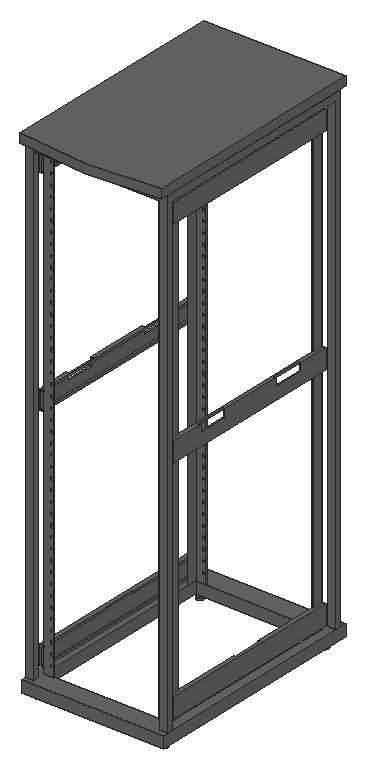
Revit family "V61A-45U-600x1000mm-26.03.14", category Electrical Equipment, Revit 2013
Parameters (values of type "Server_Rack-Siemon-600mm")
  Weight = 0.00 lbf
  Visibility Door Right [instance] = and(Side Panel Right, not(Hide Doors))  # no
  Visibility Door Left [instance] = and(Side Panel Left, not(Hide Doors))  # no
  Visibility Door Front [instance] = and(Door Front, not(Hide Doors))  # no
  Visibility Door Back [instance] = and(Door Back, not(Hide Doors))  # no
  Version = ""
  Usable Depth = 806.00 mm
  U/M = "EA"
  U Space = "45"
  System = "VPOD"
  Side Panel Right = no
  Side Panel Left = no
  Serial Number = ""
  Segment = "CSS"
  Ports = 0
  Mounting rail 45 U = SIEMON STEEL
  Mounting Rail Material = SIEMON STEEL
  Model = "V61A"
  Metal = SIEMON STEEL
  Manufacturer = "SIEMON"
  Lock = ""
  Loaded/Empty = "N/A"
  Item Group = "RACKS"
  Item Class = "1F"
  Hide Doors [instance] = no
  Door Front = no
  Door Construction Side = if(and(Side Panel Right, Side Panel Left), 2, if(and(not(Side Panel Right), not(Side Panel Left)), 0, 1))  # 0
  Door Construction Front = ""
  Door Construction Back = ""
  Door Back = no
  Description = "WARNING: PLEASE RELOAD FAMILY USING THE TYPE CATALOG"
  Color = "BLACK"
  Cabinet Width Overall = 600.00 mm
  Cabinet Height = 2150.00 mm
  Cabinet Depth = 1000.00 mm
Types (2, lengths in mm): name | Visibility Door Right | Visibility Door Left | Visibility Door Front | Visibility Door Back | Usable Depth | Side Panel Right | Side Panel Left | Serial Number | Mounting rail 45 U | Mounting Rail Material | Model | Metal | Lock | Door Front | Door Construction Side | Door Construction Front | Door Construction Back | Door Back | Description | Cabinet Width Overall | Cabinet Height | Cabinet Depth
  Server_Rack-Siemon-600mm | no | no | no | no | 806.00 | no | no | "" | SIEMON STEEL | SIEMON STEEL | "V61A" | SIEMON STEEL | "" | no | 0 | "" | "" | no | "WARNING: PLEASE RELOAD FAMILY USING THE TYPE CATALOG" | 600.00 | 2150.00 | 1000.00
  V1-2AB211 | yes | yes | yes | yes | 0.00 | yes | yes | "V1-2AB211" | Metal-Siemon-Annodized-Aluminum | Metal-Siemon-Annodized-Aluminum | "VERSPOD" | Metal-Siemon-Frame_Metal | "COMBINATION" | yes | 2 | "FULL VENTED" | "SPLIT VENTED" | yes | "VPOD,600x1000,S-PNL(2),F-DR FL VNT,R-DR SP VNT,TUM,T-PNL BLANK,BLK" | 605.00 | 2140.00 | 1090.00
Reference planes
  plane 1 "Center (Front/Back)": y = 0
  plane 2: z = 0
  plane 3 "Center (Left/Right)": x = 0
  plane 4: z = 2011.4
  plane 5: z = 1966.95
  plane 6: z = 1922.5
  plane 7: z = 1878.05
  plane 8: z = 1833.6
  plane 9: z = 1789.15
  plane 10: z = 1744.7
  plane 11: z = 1700.25
  plane 12: z = 1655.8
  plane 13: z = 1611.35
  plane 14: z = 1566.9
  plane 15: z = 1522.45
  plane 16: z = 1478
  plane 17: z = 1433.55
  plane 18: z = 1389.1
  plane 19: z = 1344.65
  plane 20: z = 1300.2
  plane 21: z = 1255.75
  plane 22: z = 1211.3
  plane 23: z = 1166.85
  plane 24: z = 1122.4
  plane 25: z = 1077.95
  plane 26: z = 1033.5
  plane 27: z = 989.05
  plane 28: z = 944.6
  plane 29: z = 900.15
  plane 30: z = 855.7
  plane 31: z = 811.25
  plane 32: z = 766.8
  plane 33: z = 722.35
  plane 34: z = 677.9
  plane 35: z = 633.45
  plane 36: z = 589
  plane 37: z = 544.55
  plane 38: z = 500.1
  plane 39: z = 455.65
  plane 40: z = 411.2
  plane 41: z = 366.75
  plane 42: z = 322.3
  plane 43: z = 277.85
  plane 44: z = 233.4
  plane 45: z = 188.95
  plane 46: z = 144.5
  plane 47: z = 100.05
  plane 48: z = 2055.85
Forms (mm)
  Extrusion 1, solid, material "SIEMON STEEL"
    sketch origin (0, -0.108, 0) x (1, 0, 0) y (0, 1, 0)
      loop
        arc (-298.7, 28.389) -> (1.286, 0.16) -> (301.386, 27.143) r 1644.314
        line (301.386, 27.143) -> (301.386, 1000.156) -> (-298.7, 1000.156) -> (-298.7, 28.389)
    from 2102.5 to 2140
  Extrusion 2, solid, material "SIEMON STEEL" <- "Mounting rail 45 U"
    sketch origin (0, -15, 0) x (1, 0, 0) y (0, 1, 0)
      loop
        line (301.386, 985.014) -> (-298.7, 985.014) -> (-298.7, 75) -> (301.386, 75) -> (301.386, 985.014)
    from 2067.5 to 2098.45
  Extrusion 3, solid, material "SIEMON STEEL" <- "Mounting rail 45 U"
    sketch origin (0.137, -90, 0) x (1, 0, 0) y (0, 1, 0)
      loop
        line (266.25, 170.06) -> (266.25, 150) -> (301.25, 150) -> (301.25, 170.06) -> (266.25, 170.06)
      loop
        line (-298.75, 170.06) -> (-298.75, 150) -> (-263.75, 150) -> (-263.75, 170.06) -> (-298.75, 170.06)
      loop
        line (301.25, 1039.94) -> (301.25, 1060) -> (266.25, 1060) -> (266.25, 1039.94) -> (301.25, 1039.94)
      loop
        line (-298.75, 1039.94) -> (-263.75, 1039.94) -> (-263.75, 1060) -> (-298.75, 1060) -> (-298.75, 1039.94)
    from 65.3 to 2067.5
  Extrusion 4, solid, material "SIEMON STEEL" <- "Mounting Rail Material"
    sketch origin (0.02, 0, 0) x (1, 0, 0) y (0, 1, 0)
      loop
        line (-298.72, 1000.014) -> (-298.72, 37.5) -> (301.366, 37.5) -> (301.366, 1000.014) -> (-298.72, 1000.014)
      loop
        line (-265, 913.302) -> (-265, 116.7) -> (265, 116.7) -> (265, 913.302) -> (-265, 913.302)
    from 16.098 to 65.3
  Extrusion 5, solid, material "Cold rolled steel (CRS)", detail levels medium+fine
    sketch origin (-25.335, 547.951, -10) x (1, 0, 0) y (0, 1, 0)
      loop
        circle (289.695, 392.503) r 15
    from 0 to 5.027
  Extrusion 6, solid
    sketch origin (114.531, 0, -10) x (1, 0, 0) y (0, 1, 0)
      loop
        circle (149.594, 940.281) r 6
    from 0 to 36.491
  Extrusion 7, solid, material "Cold rolled steel (CRS)", detail levels medium+fine
    sketch origin (25.296, 547.951, -10) x (-1, 0, 0) y (0, -1, 0)
      loop
        circle (289.695, -392.503) r 15
    from 0 to 5.027
  Extrusion 8, solid
    sketch origin (-115, 0, -10) x (-1, 0, 0) y (0, -1, 0)
      loop
        circle (149.594, -940.281) r 6
    from 0 to 36.491
  Extrusion 9, solid, material "Cold rolled steel (CRS)", detail levels medium+fine
    sketch origin (25.296, 480.196, -10) x (-1, 0, 0) y (0, -1, 0)
      loop
        circle (289.695, 392.503) r 15
    from 0 to 5.027
  Extrusion 10, solid
    sketch origin (-115, 1028.147, -10) x (-1, 0, 0) y (0, -1, 0)
      loop
        circle (149.594, 940.281) r 6
    from 0 to 36.491
  Extrusion 11, solid, material "Cold rolled steel (CRS)", detail levels medium+fine
    sketch origin (554.046, 480.196, -10) x (-1, 0, 0) y (0, -1, 0)
      loop
        circle (289.695, 392.503) r 15
    from 0 to 5.027
  Extrusion 12, solid
    sketch origin (413.75, 1028.147, -10) x (-1, 0, 0) y (0, -1, 0)
      loop
        circle (149.594, 940.281) r 6
    from 0 to 36.491
Cuts and joins
  joined: Extrusion 2, Extrusion 3
Lines and regions (mm)
  Masking region 1, detail levels medium+fine
    outline origin (0, 0, 0) x (1, 0, 0) y (0, 1, 0)
      loop
        line (300, 1000.156) -> (-300, 1000.156) -> (-300, 27.5) -> (-297.984, 27.5)
        arc (-297.984, 27.5) -> (0, 0.5) -> (297.984, 27.5) r 1657.82
        line (297.984, 27.5) -> (300, 27.5) -> (300, 1000.156)
  symbolic lines, detail levels fine
    curve 1: line (-256.65, 1060, 65.3) -> (-256.65, 1060, 61.35)
    curve 2: line (256.65, 1060, 61.35) -> (256.65, 1060, 65.3)
  model lines, detail levels coarse+fine
    curve 3: line (154.83, 904.97, 2141.25) -> (-156.781, 904.97, 2141.25)
    curve 4: line (-161.781, 899.97, 2141.25) -> (-161.781, 861.539, 2141.25)
    curve 5: line (-156.781, 856.539, 2141.25) -> (154.83, 856.539, 2141.25)
    curve 6: arc (-156.781, 904.97, 2141.25) -> (-160.317, 903.506, 2141.25) -> (-161.781, 899.97, 2141.25) r 5
    curve 7: arc (-161.781, 861.539, 2141.25) -> (-160.317, 858.003, 2141.25) -> (-156.781, 856.539, 2141.25) r 5
    curve 8: line (-158.781, 899.97, 2141.25) -> (-158.781, 877.002, 2141.25)
    curve 9: arc (-158.781, 861.539, 2141.25) -> (-158.196, 860.124, 2141.25) -> (-156.781, 859.539, 2141.25) r 2
    curve 10: line (-156.781, 859.539, 2141.25) -> (154.83, 859.539, 2141.25)
    curve 11: line (154.83, 901.97, 2141.25) -> (-156.781, 901.97, 2141.25)
    curve 12: arc (-156.781, 901.97, 2141.25) -> (-158.196, 901.385, 2141.25) -> (-158.781, 899.97, 2141.25) r 2
    curve 13: line (-158.781, 877.002, 2141.25) -> (-158.781, 861.539, 2141.25)
    curve 14: line (159.83, 899.97, 2141.25) -> (159.83, 861.539, 2141.25)
    curve 15: arc (154.83, 904.97, 2141.25) -> (158.366, 903.506, 2141.25) -> (159.83, 899.97, 2141.25) r 5
    curve 16: arc (159.83, 861.539, 2141.25) -> (158.366, 858.003, 2141.25) -> (154.83, 856.539, 2141.25) r 5
    curve 17: line (156.83, 899.97, 2141.25) -> (156.83, 877.002, 2141.25)
    curve 18: arc (156.83, 861.539, 2141.25) -> (156.244, 860.124, 2141.25) -> (154.83, 859.539, 2141.25) r 2
    curve 19: arc (154.83, 901.97, 2141.25) -> (156.244, 901.385, 2141.25) -> (156.83, 899.97, 2141.25) r 2
    curve 20: line (156.83, 877.002, 2141.25) -> (156.83, 861.539, 2141.25)
    curve 21: circle (228.086, 958.058, 2141.25) r 3.361 normal (0, 0, 1)
    curve 22: circle (-239.74, 958.058, 2141.25) r 3.361 normal (0, 0, -1)
    curve 23: circle (-259.391, 929.515, 2141.25) r 6.221 normal (0, 0, 1)
    curve 24: circle (257.661, 929.515, 2141.25) r 6.221 normal (0, 0, -1)
    curve 25: line (236.892, 762.002, 2141.25) -> (-238.02, 762.002, 2141.25)
    curve 26: line (240.895, 757.999, 2141.25) -> (236.892, 762.002, 2141.25)
    curve 27: circle (-162.497, 748.584, 2141.25) r 6.221 normal (0, 0, 1)
    curve 28: circle (163.18, 748.584, 2141.25) r 6.221 normal (0, 0, 1)
    curve 29: line (236.892, 589.225, 2141.25) -> (-238.02, 589.225, 2141.25)
    curve 30: line (-238.02, 589.225, 2141.25) -> (-242.023, 593.227, 2141.25)
    curve 31: line (-242.023, 593.227, 2141.25) -> (-242.023, 757.999, 2141.25)
    curve 32: line (240.895, 757.999, 2141.25) -> (240.895, 593.227, 2141.25)
    curve 33: line (240.895, 593.227, 2141.25) -> (236.892, 589.225, 2141.25)
    curve 34: circle (-162.497, 602.642, 2141.25) r 6.221 normal (0, 0, -1)
    curve 35: circle (163.18, 602.642, 2141.25) r 6.221 normal (0, 0, -1)
    curve 36: line (-242.023, 757.999, 2141.25) -> (-238.02, 762.002, 2141.25)
    curve 37: line (178.58, 213.08, 2141.25) -> (178.58, 524.692, 2141.25)
    curve 38: line (183.58, 529.692, 2141.25) -> (219.512, 529.692, 2141.25)
    curve 39: line (224.512, 524.692, 2141.25) -> (224.512, 213.08, 2141.25)
    curve 40: arc (178.58, 524.692, 2141.25) -> (180.045, 528.227, 2141.25) -> (183.58, 529.692, 2141.25) r 5
    curve 41: arc (219.512, 529.692, 2141.25) -> (223.048, 528.227, 2141.25) -> (224.512, 524.692, 2141.25) r 5
    curve 42: line (183.58, 526.692, 2141.25) -> (199.044, 526.692, 2141.25)
    curve 43: arc (219.512, 526.692, 2141.25) -> (220.926, 526.106, 2141.25) -> (221.512, 524.692, 2141.25) r 2
    curve 44: line (221.512, 524.692, 2141.25) -> (221.512, 213.08, 2141.25)
    curve 45: line (181.58, 213.08, 2141.25) -> (181.58, 524.692, 2141.25)
    curve 46: arc (181.58, 524.692, 2141.25) -> (182.166, 526.106, 2141.25) -> (183.58, 526.692, 2141.25) r 2
    curve 47: line (199.044, 526.692, 2141.25) -> (219.512, 526.692, 2141.25)
    curve 48: line (183.58, 208.08, 2141.25) -> (219.512, 208.08, 2141.25)
    curve 49: arc (178.58, 213.08, 2141.25) -> (180.045, 209.545, 2141.25) -> (183.58, 208.08, 2141.25) r 5
    curve 50: arc (219.512, 208.08, 2141.25) -> (223.048, 209.545, 2141.25) -> (224.512, 213.08, 2141.25) r 5
    curve 51: line (183.58, 211.08, 2141.25) -> (199.044, 211.08, 2141.25)
    curve 52: arc (219.512, 211.08, 2141.25) -> (220.926, 211.666, 2141.25) -> (221.512, 213.08, 2141.25) r 2
    curve 53: arc (181.58, 213.08, 2141.25) -> (182.166, 211.666, 2141.25) -> (183.58, 211.08, 2141.25) r 2
    curve 54: line (199.044, 211.08, 2141.25) -> (219.512, 211.08, 2141.25)
    curve 55: line (-179.708, 213.08, 2141.25) -> (-179.708, 524.692, 2141.25)
    curve 56: line (-184.708, 529.692, 2141.25) -> (-220.64, 529.692, 2141.25)
    curve 57: line (-225.64, 524.692, 2141.25) -> (-225.64, 213.08, 2141.25)
    curve 58: arc (-179.708, 524.692, 2141.25) -> (-181.172, 528.227, 2141.25) -> (-184.708, 529.692, 2141.25) r 5
    curve 59: arc (-220.64, 529.692, 2141.25) -> (-224.175, 528.227, 2141.25) -> (-225.64, 524.692, 2141.25) r 5
    curve 60: line (-184.708, 526.692, 2141.25) -> (-205.176, 526.692, 2141.25)
    curve 61: arc (-220.64, 526.692, 2141.25) -> (-222.054, 526.106, 2141.25) -> (-222.64, 524.692, 2141.25) r 2
    curve 62: line (-222.64, 524.692, 2141.25) -> (-222.64, 213.08, 2141.25)
    curve 63: line (-182.708, 213.08, 2141.25) -> (-182.708, 524.692, 2141.25)
    curve 64: arc (-182.708, 524.692, 2141.25) -> (-183.293, 526.106, 2141.25) -> (-184.708, 526.692, 2141.25) r 2
    curve 65: line (-205.176, 526.692, 2141.25) -> (-220.64, 526.692, 2141.25)
    curve 66: line (-184.708, 208.08, 2141.25) -> (-220.64, 208.08, 2141.25)
    curve 67: arc (-179.708, 213.08, 2141.25) -> (-181.172, 209.545, 2141.25) -> (-184.708, 208.08, 2141.25) r 5
    curve 68: arc (-220.64, 208.08, 2141.25) -> (-224.175, 209.545, 2141.25) -> (-225.64, 213.08, 2141.25) r 5
    curve 69: line (-184.708, 211.08, 2141.25) -> (-205.176, 211.08, 2141.25)
    curve 70: arc (-220.64, 211.08, 2141.25) -> (-222.054, 211.666, 2141.25) -> (-222.64, 213.08, 2141.25) r 2
    curve 71: arc (-182.708, 213.08, 2141.25) -> (-183.293, 211.666, 2141.25) -> (-184.708, 211.08, 2141.25) r 2
    curve 72: line (-205.176, 211.08, 2141.25) -> (-220.64, 211.08, 2141.25)
    curve 73: circle (228.086, 72.089, 2141.25) r 3.361 normal (0, 0, -1)
    curve 74: circle (-239.74, 72.089, 2141.25) r 3.361 normal (0, 0, 1)
    curve 75: circle (-259.391, 93.132, 2141.25) r 6.221 normal (0, 0, -1)
    curve 76: circle (257.661, 93.132, 2141.25) r 6.221 normal (0, 0, 1)
    curve 77: line (158.357, 166.045, 2141.25) -> (-153.254, 166.045, 2141.25)
    curve 78: line (-158.254, 161.045, 2141.25) -> (-158.254, 122.613, 2141.25)
    curve 79: line (-153.254, 117.613, 2141.25) -> (158.357, 117.613, 2141.25)
    curve 80: arc (-153.254, 166.045, 2141.25) -> (-156.79, 164.581, 2141.25) -> (-158.254, 161.045, 2141.25) r 5
    curve 81: arc (-158.254, 122.613, 2141.25) -> (-156.79, 119.078, 2141.25) -> (-153.254, 117.613, 2141.25) r 5
    curve 82: line (-155.254, 161.045, 2141.25) -> (-155.254, 138.077, 2141.25)
    curve 83: arc (-155.254, 122.613, 2141.25) -> (-154.668, 121.199, 2141.25) -> (-153.254, 120.613, 2141.25) r 2
    curve 84: line (-153.254, 120.613, 2141.25) -> (158.357, 120.613, 2141.25)
    curve 85: line (158.357, 163.045, 2141.25) -> (-153.254, 163.045, 2141.25)
    curve 86: arc (-153.254, 163.045, 2141.25) -> (-154.668, 162.459, 2141.25) -> (-155.254, 161.045, 2141.25) r 2
    curve 87: line (-155.254, 138.077, 2141.25) -> (-155.254, 122.613, 2141.25)
    curve 88: line (163.357, 161.045, 2141.25) -> (163.357, 122.613, 2141.25)
    curve 89: arc (158.357, 166.045, 2141.25) -> (161.893, 164.581, 2141.25) -> (163.357, 161.045, 2141.25) r 5
    curve 90: arc (163.357, 122.613, 2141.25) -> (161.893, 119.078, 2141.25) -> (158.357, 117.613, 2141.25) r 5
    curve 91: line (160.357, 161.045, 2141.25) -> (160.357, 145.582, 2141.25)
    curve 92: arc (160.357, 122.613, 2141.25) -> (159.772, 121.199, 2141.25) -> (158.357, 120.613, 2141.25) r 2
    curve 93: arc (158.357, 163.045, 2141.25) -> (159.772, 162.459, 2141.25) -> (160.357, 161.045, 2141.25) r 2
    curve 94: line (160.357, 145.582, 2141.25) -> (160.357, 122.613, 2141.25)
Dimensions and locks
  Extrusion 1 to Extrusion 1 = 1000.00 mm
  Extrusion 4 to Extrusion 1 sketch curve = 999.965 mm
  Extrusion 1 to Extrusion 11 = 2150.00 mm
  Extrusion 7 to Extrusion 1 = 2150.00 mm
  aligned: Extrusion 2 to Extrusion 1
Nested families
  nested 1: "VersaPOD-Frame" at (0.084, 486.862, -17.333), type "VersaPOD-Frame"
  nested 2: "VersaPOD-Frame" at (0.853, 486.862, -17.333) x (-1, 0, 0) z (0, 0, 1), type "VersaPOD-Frame"
  nested 3: "VersaPOD-Frame" at (0.853, 543.86, -17.333) x (-1, 0, 0) z (0, 0, 1), type "VersaPOD-Frame"
  nested 4: "VersaPOD-Frame" at (0.084, 543.841, -17.333), type "VersaPOD-Frame"
  nested 5: "CC" at (177.79, 77.47, 1060.285) x (0, -1, 0) z (1, 0, 0), type "CC"
  nested 6: "CC" at (-177.79, 76.22, 1060.285) x (0, -1, 0) z (-1, 0, 0), type "CC"
  nested 7: "CC-new" at (177.813, 954.94, 90.3) x (0, 1, 0) z (1, 0, 0), type "CC-new"
  nested 8: "CC-new" at (-177.813, 954.94, 90.3) x (0, 1, 0) z (-1, 0, 0), type "CC-new"
  nested 9: "CC-new" at (177.813, 954.94, 1962.8) x (0, 1, 0) z (1, 0, 0), type "CC-new"
  nested 10: "CC-new" at (-177.812, 954.94, 1962.8) x (0, 1, 0) z (-1, 0, 0), type "CC-new"
Definition of nested family "VersaPOD-Frame"
  Parameters (values of type "VersaPOD-Frame")
    Material = none
    Assembly Code = ""
  Reference planes
    plane 1 "Center (Front/Back)": y = 0
    plane 2: z = 0
    plane 3 "Center (Left/Right)": x = 0
  Forms (mm)
    Extrusion 1, solid, material "SIEMON STEEL(1)"
      sketch origin (168.748, 374.529, 83.392) x (-1, 0, 0) y (0, 0, 1)
        loop
          line (-97.502, 2001.4) -> (-97.502, 0) -> (-54.5, 0) -> (-54.5, 2001.4) -> (-97.502, 2001.4)
        loop
          line (-66.648, 1999.2) -> (-66.648, 1989.7) -> (-57.148, 1989.7) -> (-57.148, 1999.2) -> (-66.648, 1999.2)
        loop
          line (-66.648, 1954.997) -> (-66.648, 1945.497) -> (-57.148, 1945.497) -> (-57.148, 1954.997) -> (-66.648, 1954.997)
        loop
          line (-66.648, 1901.097) -> (-57.148, 1901.097) -> (-57.148, 1910.597) -> (-66.648, 1910.597) -> (-66.648, 1901.097)
        loop
          line (-66.648, 1866.197) -> (-66.648, 1856.697) -> (-57.148, 1856.697) -> (-57.148, 1866.197) -> (-66.648, 1866.197)
        loop
          line (-66.648, 1777.397) -> (-66.648, 1767.897) -> (-57.148, 1767.897) -> (-57.148, 1777.397) -> (-66.648, 1777.397)
        loop
          line (-66.648, 1812.297) -> (-57.148, 1812.297) -> (-57.148, 1821.797) -> (-66.648, 1821.797) -> (-66.648, 1812.297)
        loop
          line (-66.648, 1599.797) -> (-66.648, 1590.297) -> (-57.148, 1590.297) -> (-57.148, 1599.797) -> (-66.648, 1599.797)
        loop
          line (-66.648, 1634.697) -> (-57.148, 1634.697) -> (-57.148, 1644.197) -> (-66.648, 1644.197) -> (-66.648, 1634.697)
        loop
          line (-66.648, 1723.497) -> (-57.148, 1723.497) -> (-57.148, 1732.997) -> (-66.648, 1732.997) -> (-66.648, 1723.497)
        loop
          line (-66.648, 1688.597) -> (-66.648, 1679.097) -> (-57.148, 1679.097) -> (-57.148, 1688.597) -> (-66.648, 1688.597)
        loop
          line (-66.648, 1244.597) -> (-66.648, 1235.097) -> (-57.148, 1235.097) -> (-57.148, 1244.597) -> (-66.648, 1244.597)
        loop
          line (-66.648, 1279.497) -> (-57.148, 1279.497) -> (-57.148, 1288.997) -> (-66.648, 1288.997) -> (-66.648, 1279.497)
        loop
          line (-66.648, 1368.297) -> (-57.148, 1368.297) -> (-57.148, 1377.797) -> (-66.648, 1377.797) -> (-66.648, 1368.297)
        loop
          line (-66.648, 1333.397) -> (-66.648, 1323.897) -> (-57.148, 1323.897) -> (-57.148, 1333.397) -> (-66.648, 1333.397)
        loop
          line (-66.648, 1545.897) -> (-57.148, 1545.897) -> (-57.148, 1555.397) -> (-66.648, 1555.397) -> (-66.648, 1545.897)
        loop
          line (-66.648, 1510.997) -> (-66.648, 1501.497) -> (-57.148, 1501.497) -> (-57.148, 1510.997) -> (-66.648, 1510.997)
        loop
          line (-66.648, 1422.197) -> (-66.648, 1412.697) -> (-57.148, 1412.697) -> (-57.148, 1422.197) -> (-66.648, 1422.197)
        loop
          line (-66.648, 1457.097) -> (-57.148, 1457.097) -> (-57.148, 1466.597) -> (-66.648, 1466.597) -> (-66.648, 1457.097)
        loop
          line (-66.648, 534.197) -> (-66.648, 524.697) -> (-57.148, 524.697) -> (-57.148, 534.197) -> (-66.648, 534.197)
        loop
          line (-66.648, 569.097) -> (-57.148, 569.097) -> (-57.148, 578.597) -> (-66.648, 578.597) -> (-66.648, 569.097)
        loop
          line (-66.648, 657.897) -> (-57.148, 657.897) -> (-57.148, 667.397) -> (-66.648, 667.397) -> (-66.648, 657.897)
        loop
          line (-66.648, 622.997) -> (-66.648, 613.497) -> (-57.148, 613.497) -> (-57.148, 622.997) -> (-66.648, 622.997)
        loop
          line (-66.648, 835.497) -> (-57.148, 835.497) -> (-57.148, 844.997) -> (-66.648, 844.997) -> (-66.648, 835.497)
        loop
          line (-66.648, 800.597) -> (-66.648, 791.097) -> (-57.148, 791.097) -> (-57.148, 800.597) -> (-66.648, 800.597)
        loop
          line (-66.648, 711.797) -> (-66.648, 702.297) -> (-57.148, 702.297) -> (-57.148, 711.797) -> (-66.648, 711.797)
        loop
          line (-66.648, 746.697) -> (-57.148, 746.697) -> (-57.148, 756.197) -> (-66.648, 756.197) -> (-66.648, 746.697)
        loop
          line (-66.648, 1190.697) -> (-57.148, 1190.697) -> (-57.148, 1200.197) -> (-66.648, 1200.197) -> (-66.648, 1190.697)
        loop
          line (-66.648, 1155.797) -> (-66.648, 1146.297) -> (-57.148, 1146.297) -> (-57.148, 1155.797) -> (-66.648, 1155.797)
        loop
          line (-66.648, 1066.997) -> (-66.648, 1057.497) -> (-57.148, 1057.497) -> (-57.148, 1066.997) -> (-66.648, 1066.997)
        loop
          line (-66.648, 1101.897) -> (-57.148, 1101.897) -> (-57.148, 1111.397) -> (-66.648, 1111.397) -> (-66.648, 1101.897)
        loop
          line (-66.648, 889.397) -> (-66.648, 879.897) -> (-57.148, 879.897) -> (-57.148, 889.397) -> (-66.648, 889.397)
        loop
          line (-66.648, 924.297) -> (-57.148, 924.297) -> (-57.148, 933.797) -> (-66.648, 933.797) -> (-66.648, 924.297)
        loop
          line (-66.648, 1013.097) -> (-57.148, 1013.097) -> (-57.148, 1022.597) -> (-66.648, 1022.597) -> (-66.648, 1013.097)
        loop
          line (-66.648, 978.197) -> (-66.648, 968.697) -> (-57.148, 968.697) -> (-57.148, 978.197) -> (-66.648, 978.197)
        loop
          line (-66.648, 480.297) -> (-57.148, 480.297) -> (-57.148, 489.797) -> (-66.648, 489.797) -> (-66.648, 480.297)
        loop
          line (-66.648, 445.397) -> (-66.648, 435.897) -> (-57.148, 435.897) -> (-57.148, 445.397) -> (-66.648, 445.397)
        loop
          line (-66.648, 356.597) -> (-66.648, 347.097) -> (-57.148, 347.097) -> (-57.148, 356.597) -> (-66.648, 356.597)
        loop
          line (-66.648, 391.497) -> (-57.148, 391.497) -> (-57.148, 400.997) -> (-66.648, 400.997) -> (-66.648, 391.497)
        loop
          line (-66.648, 178.997) -> (-66.648, 169.497) -> (-57.148, 169.497) -> (-57.148, 178.997) -> (-66.648, 178.997)
        loop
          line (-66.648, 213.897) -> (-57.148, 213.897) -> (-57.148, 223.397) -> (-66.648, 223.397) -> (-66.648, 213.897)
        loop
          line (-66.648, 302.697) -> (-57.148, 302.697) -> (-57.148, 312.197) -> (-66.648, 312.197) -> (-66.648, 302.697)
        loop
          line (-66.648, 267.797) -> (-66.648, 258.297) -> (-57.148, 258.297) -> (-57.148, 267.797) -> (-66.648, 267.797)
        loop
          line (-66.648, 125.097) -> (-57.148, 125.097) -> (-57.148, 134.597) -> (-66.648, 134.597) -> (-66.648, 125.097)
        loop
          line (-66.648, 90.197) -> (-66.648, 80.697) -> (-57.148, 80.697) -> (-57.148, 90.197) -> (-66.648, 90.197)
        loop
          line (-66.648, 36.297) -> (-57.148, 36.297) -> (-57.148, 45.797) -> (-66.648, 45.797) -> (-66.648, 36.297)
      from -2 to 0
    Extrusion 2, solid, material "SIEMON STEEL(1)"
      sketch origin (264.25, 275.026, 83.392) x (0, -1, 0) y (0, 0, 1)
        loop
          line (-97.502, 2001.4) -> (-97.502, 0) -> (-54.5, 0) -> (-54.5, 2001.4) -> (-97.502, 2001.4)
      from -2 to 0
  Lines and regions (mm)
    model lines
      curve 1: line (266.251, 332.174, 2082.592) -> (266.251, 341.674, 2082.592)
      curve 2: line (266.251, 332.174, 2073.092) -> (266.251, 332.174, 2082.592)
      curve 3: line (266.251, 341.674, 2073.092) -> (266.251, 332.174, 2073.092)
      curve 4: line (266.251, 341.674, 2082.592) -> (266.251, 341.674, 2073.092)
      curve 5: line (266.251, 332.174, 2038.311) -> (266.251, 341.674, 2038.311)
      curve 6: line (266.251, 332.174, 2028.811) -> (266.251, 332.174, 2038.311)
      curve 7: line (266.251, 341.674, 2028.811) -> (266.251, 332.174, 2028.811)
      curve 8: line (266.251, 341.674, 2038.311) -> (266.251, 341.674, 2028.811)
      curve 9: line (266.251, 332.174, 1993.911) -> (266.251, 341.674, 1993.911)
      curve 10: line (266.251, 332.174, 1984.411) -> (266.251, 332.174, 1993.911)
      curve 11: line (266.251, 341.674, 1984.411) -> (266.251, 332.174, 1984.411)
      curve 12: line (266.251, 341.674, 1993.911) -> (266.251, 341.674, 1984.411)
      curve 13: line (266.251, 332.174, 1772.269) -> (266.251, 341.674, 1772.269)
      curve 14: line (266.251, 332.174, 1762.769) -> (266.251, 332.174, 1772.269)
      curve 15: line (266.251, 341.674, 1762.769) -> (266.251, 332.174, 1762.769)
      curve 16: line (266.251, 341.674, 1772.269) -> (266.251, 341.674, 1762.769)
      curve 17: line (266.251, 332.174, 1727.988) -> (266.251, 341.674, 1727.988)
      curve 18: line (266.251, 332.174, 1718.488) -> (266.251, 332.174, 1727.988)
      curve 19: line (266.251, 341.674, 1718.488) -> (266.251, 332.174, 1718.488)
      curve 20: line (266.251, 341.674, 1727.988) -> (266.251, 341.674, 1718.488)
      curve 21: line (266.251, 332.174, 1683.588) -> (266.251, 341.674, 1683.588)
      curve 22: line (266.251, 332.174, 1674.088) -> (266.251, 332.174, 1683.588)
      curve 23: line (266.251, 341.674, 1674.088) -> (266.251, 332.174, 1674.088)
      curve 24: line (266.251, 341.674, 1683.588) -> (266.251, 341.674, 1674.088)
      curve 25: line (266.251, 332.174, 1461.827) -> (266.251, 341.674, 1461.827)
      curve 26: line (266.251, 332.174, 1452.327) -> (266.251, 332.174, 1461.827)
      curve 27: line (266.251, 341.674, 1452.327) -> (266.251, 332.174, 1452.327)
      curve 28: line (266.251, 341.674, 1461.827) -> (266.251, 341.674, 1452.327)
      curve 29: line (266.251, 332.174, 1417.547) -> (266.251, 341.674, 1417.547)
      curve 30: line (266.251, 332.174, 1408.047) -> (266.251, 332.174, 1417.547)
      curve 31: line (266.251, 341.674, 1408.047) -> (266.251, 332.174, 1408.047)
      curve 32: line (266.251, 341.674, 1417.547) -> (266.251, 341.674, 1408.047)
      curve 33: line (266.251, 332.174, 1373.147) -> (266.251, 341.674, 1373.147)
      curve 34: line (266.251, 332.174, 1363.647) -> (266.251, 332.174, 1373.147)
      curve 35: line (266.251, 341.674, 1363.647) -> (266.251, 332.174, 1363.647)
      curve 36: line (266.251, 341.674, 1373.147) -> (266.251, 341.674, 1363.647)
      curve 37: line (266.251, 332.174, 1151.505) -> (266.251, 341.674, 1151.505)
      curve 38: line (266.251, 332.174, 1142.005) -> (266.251, 332.174, 1151.505)
      curve 39: line (266.251, 341.674, 1142.005) -> (266.251, 332.174, 1142.005)
      curve 40: line (266.251, 341.674, 1151.505) -> (266.251, 341.674, 1142.005)
      curve 41: line (266.251, 332.174, 1107.224) -> (266.251, 341.674, 1107.224)
      curve 42: line (266.251, 332.174, 1097.724) -> (266.251, 332.174, 1107.224)
      curve 43: line (266.251, 341.674, 1097.724) -> (266.251, 332.174, 1097.724)
      curve 44: line (266.251, 341.674, 1107.224) -> (266.251, 341.674, 1097.724)
      curve 45: line (266.251, 332.174, 1062.824) -> (266.251, 341.674, 1062.824)
      curve 46: line (266.251, 332.174, 1053.324) -> (266.251, 332.174, 1062.824)
      curve 47: line (266.251, 341.674, 1053.324) -> (266.251, 332.174, 1053.324)
      curve 48: line (266.251, 341.674, 1062.824) -> (266.251, 341.674, 1053.324)
      curve 49: line (266.251, 332.174, 841.068) -> (266.251, 341.674, 841.068)
      curve 50: line (266.251, 332.174, 831.568) -> (266.251, 332.174, 841.068)
      curve 51: line (266.251, 341.674, 831.568) -> (266.251, 332.174, 831.568)
      curve 52: line (266.251, 341.674, 841.068) -> (266.251, 341.674, 831.568)
      curve 53: line (266.251, 332.174, 796.787) -> (266.251, 341.674, 796.787)
      curve 54: line (266.251, 332.174, 787.287) -> (266.251, 332.174, 796.787)
      curve 55: line (266.251, 341.674, 787.287) -> (266.251, 332.174, 787.287)
      curve 56: line (266.251, 341.674, 796.787) -> (266.251, 341.674, 787.287)
      curve 57: line (266.251, 332.174, 752.387) -> (266.251, 341.674, 752.387)
      curve 58: line (266.251, 332.174, 742.887) -> (266.251, 332.174, 752.387)
      curve 59: line (266.251, 341.674, 742.887) -> (266.251, 332.174, 742.887)
      curve 60: line (266.251, 341.674, 752.387) -> (266.251, 341.674, 742.887)
      curve 61: line (266.251, 332.174, 530.746) -> (266.251, 341.674, 530.746)
      curve 62: line (266.251, 332.174, 521.246) -> (266.251, 332.174, 530.746)
      curve 63: line (266.251, 341.674, 521.246) -> (266.251, 332.174, 521.246)
      curve 64: line (266.251, 341.674, 530.746) -> (266.251, 341.674, 521.246)
      curve 65: line (266.251, 332.174, 486.465) -> (266.251, 341.674, 486.465)
      curve 66: line (266.251, 332.174, 476.965) -> (266.251, 332.174, 486.465)
      curve 67: line (266.251, 341.674, 476.965) -> (266.251, 332.174, 476.965)
      curve 68: line (266.251, 341.674, 486.465) -> (266.251, 341.674, 476.965)
      curve 69: line (266.251, 332.174, 442.065) -> (266.251, 341.674, 442.065)
      curve 70: line (266.251, 332.174, 432.565) -> (266.251, 332.174, 442.065)
      curve 71: line (266.251, 341.674, 432.565) -> (266.251, 332.174, 432.565)
      curve 72: line (266.251, 341.674, 442.065) -> (266.251, 341.674, 432.565)
      curve 73: line (266.251, 332.174, 220.304) -> (266.251, 341.674, 220.304)
      curve 74: line (266.251, 332.174, 210.804) -> (266.251, 332.174, 220.304)
      curve 75: line (266.251, 341.674, 210.804) -> (266.251, 332.174, 210.804)
      curve 76: line (266.251, 341.674, 220.304) -> (266.251, 341.674, 210.804)
      curve 77: line (266.251, 332.174, 176.023) -> (266.251, 341.674, 176.023)
      curve 78: line (266.251, 332.174, 166.523) -> (266.251, 332.174, 176.023)
      curve 79: line (266.251, 341.674, 166.523) -> (266.251, 332.174, 166.523)
      curve 80: line (266.251, 341.674, 176.023) -> (266.251, 341.674, 166.523)
      curve 81: line (266.251, 332.174, 131.623) -> (266.251, 341.674, 131.623)
      curve 82: line (266.251, 332.174, 122.123) -> (266.251, 332.174, 131.623)
      curve 83: line (266.251, 341.674, 122.123) -> (266.251, 332.174, 122.123)
      curve 84: line (266.251, 341.674, 131.623) -> (266.251, 341.674, 122.123)
      curve 85: line (266.251, 332.174, 1949.63) -> (266.251, 341.674, 1949.63)
      curve 86: line (266.251, 332.174, 1940.13) -> (266.251, 332.174, 1949.63)
      curve 87: line (266.251, 341.674, 1940.13) -> (266.251, 332.174, 1940.13)
      curve 88: line (266.251, 341.674, 1949.63) -> (266.251, 341.674, 1940.13)
      curve 89: line (266.251, 332.174, 1905.23) -> (266.251, 341.674, 1905.23)
      curve 90: line (266.251, 332.174, 1895.73) -> (266.251, 332.174, 1905.23)
      curve 91: line (266.251, 341.674, 1895.73) -> (266.251, 332.174, 1895.73)
      curve 92: line (266.251, 341.674, 1905.23) -> (266.251, 341.674, 1895.73)
      curve 93: line (266.251, 332.174, 1860.95) -> (266.251, 341.674, 1860.95)
      curve 94: line (266.251, 332.174, 1851.45) -> (266.251, 332.174, 1860.95)
      curve 95: line (266.251, 341.674, 1851.45) -> (266.251, 332.174, 1851.45)
      curve 96: line (266.251, 341.674, 1860.95) -> (266.251, 341.674, 1851.45)
      curve 97: line (266.251, 332.174, 1816.55) -> (266.251, 341.674, 1816.55)
      curve 98: line (266.251, 332.174, 1807.05) -> (266.251, 332.174, 1816.55)
      curve 99: line (266.251, 341.674, 1807.05) -> (266.251, 332.174, 1807.05)
      curve 100: line (266.251, 341.674, 1816.55) -> (266.251, 341.674, 1807.05)
      curve 101: line (266.251, 332.174, 1639.308) -> (266.251, 341.674, 1639.308)
      curve 102: line (266.251, 332.174, 1629.808) -> (266.251, 332.174, 1639.308)
      curve 103: line (266.251, 341.674, 1629.808) -> (266.251, 332.174, 1629.808)
      curve 104: line (266.251, 341.674, 1639.308) -> (266.251, 341.674, 1629.808)
      curve 105: line (266.251, 332.174, 1594.908) -> (266.251, 341.674, 1594.908)
      curve 106: line (266.251, 332.174, 1585.408) -> (266.251, 332.174, 1594.908)
      curve 107: line (266.251, 341.674, 1585.408) -> (266.251, 332.174, 1585.408)
      curve 108: line (266.251, 341.674, 1594.908) -> (266.251, 341.674, 1585.408)
      curve 109: line (266.251, 332.174, 1550.627) -> (266.251, 341.674, 1550.627)
      curve 110: line (266.251, 332.174, 1541.127) -> (266.251, 332.174, 1550.627)
      curve 111: line (266.251, 341.674, 1541.127) -> (266.251, 332.174, 1541.127)
      curve 112: line (266.251, 341.674, 1550.627) -> (266.251, 341.674, 1541.127)
      curve 113: line (266.251, 332.174, 1506.227) -> (266.251, 341.674, 1506.227)
      curve 114: line (266.251, 332.174, 1496.727) -> (266.251, 332.174, 1506.227)
      curve 115: line (266.251, 341.674, 1496.727) -> (266.251, 332.174, 1496.727)
      curve 116: line (266.251, 341.674, 1506.227) -> (266.251, 341.674, 1496.727)
      curve 117: line (266.251, 332.174, 1328.866) -> (266.251, 341.674, 1328.866)
      curve 118: line (266.251, 332.174, 1319.366) -> (266.251, 332.174, 1328.866)
      curve 119: line (266.251, 341.674, 1319.366) -> (266.251, 332.174, 1319.366)
      curve 120: line (266.251, 341.674, 1328.866) -> (266.251, 341.674, 1319.366)
      curve 121: line (266.251, 332.174, 1284.466) -> (266.251, 341.674, 1284.466)
      curve 122: line (266.251, 332.174, 1274.966) -> (266.251, 332.174, 1284.466)
      curve 123: line (266.251, 341.674, 1274.966) -> (266.251, 332.174, 1274.966)
      curve 124: line (266.251, 341.674, 1284.466) -> (266.251, 341.674, 1274.966)
      curve 125: line (266.251, 332.174, 1240.185) -> (266.251, 341.674, 1240.185)
      curve 126: line (266.251, 332.174, 1230.685) -> (266.251, 332.174, 1240.185)
      curve 127: line (266.251, 341.674, 1230.685) -> (266.251, 332.174, 1230.685)
      curve 128: line (266.251, 341.674, 1240.185) -> (266.251, 341.674, 1230.685)
      curve 129: line (266.251, 332.174, 1195.785) -> (266.251, 341.674, 1195.785)
      curve 130: line (266.251, 332.174, 1186.285) -> (266.251, 332.174, 1195.785)
      curve 131: line (266.251, 341.674, 1186.285) -> (266.251, 332.174, 1186.285)
      curve 132: line (266.251, 341.674, 1195.785) -> (266.251, 341.674, 1186.285)
      curve 133: line (266.251, 332.174, 1018.543) -> (266.251, 341.674, 1018.543)
      curve 134: line (266.251, 332.174, 1009.043) -> (266.251, 332.174, 1018.543)
      curve 135: line (266.251, 341.674, 1009.043) -> (266.251, 332.174, 1009.043)
      curve 136: line (266.251, 341.674, 1018.543) -> (266.251, 341.674, 1009.043)
      curve 137: line (266.251, 332.174, 974.143) -> (266.251, 341.674, 974.143)
      curve 138: line (266.251, 332.174, 964.643) -> (266.251, 332.174, 974.143)
      curve 139: line (266.251, 341.674, 964.643) -> (266.251, 332.174, 964.643)
      curve 140: line (266.251, 341.674, 974.143) -> (266.251, 341.674, 964.643)
      curve 141: line (266.251, 332.174, 929.863) -> (266.251, 341.674, 929.863)
      curve 142: line (266.251, 332.174, 920.363) -> (266.251, 332.174, 929.863)
      curve 143: line (266.251, 341.674, 920.363) -> (266.251, 332.174, 920.363)
      curve 144: line (266.251, 341.674, 929.863) -> (266.251, 341.674, 920.363)
      curve 145: line (266.251, 332.174, 885.463) -> (266.251, 341.674, 885.463)
      curve 146: line (266.251, 332.174, 875.963) -> (266.251, 332.174, 885.463)
      curve 147: line (266.251, 341.674, 875.963) -> (266.251, 332.174, 875.963)
      curve 148: line (266.251, 341.674, 885.463) -> (266.251, 341.674, 875.963)
      curve 149: line (266.251, 332.174, 708.107) -> (266.251, 341.674, 708.107)
      curve 150: line (266.251, 332.174, 698.607) -> (266.251, 332.174, 708.107)
      curve 151: line (266.251, 341.674, 698.607) -> (266.251, 332.174, 698.607)
      curve 152: line (266.251, 341.674, 708.107) -> (266.251, 341.674, 698.607)
      curve 153: line (266.251, 332.174, 663.707) -> (266.251, 341.674, 663.707)
      curve 154: line (266.251, 332.174, 654.207) -> (266.251, 332.174, 663.707)
      curve 155: line (266.251, 341.674, 654.207) -> (266.251, 332.174, 654.207)
      curve 156: line (266.251, 341.674, 663.707) -> (266.251, 341.674, 654.207)
      curve 157: line (266.251, 332.174, 619.426) -> (266.251, 341.674, 619.426)
      curve 158: line (266.251, 332.174, 609.926) -> (266.251, 332.174, 619.426)
      curve 159: line (266.251, 341.674, 609.926) -> (266.251, 332.174, 609.926)
      curve 160: line (266.251, 341.674, 619.426) -> (266.251, 341.674, 609.926)
      curve 161: line (266.251, 332.174, 575.026) -> (266.251, 341.674, 575.026)
      curve 162: line (266.251, 332.174, 565.526) -> (266.251, 332.174, 575.026)
      curve 163: line (266.251, 341.674, 565.526) -> (266.251, 332.174, 565.526)
      curve 164: line (266.251, 341.674, 575.026) -> (266.251, 341.674, 565.526)
      curve 165: line (266.251, 332.174, 397.784) -> (266.251, 341.674, 397.784)
      curve 166: line (266.251, 332.174, 388.284) -> (266.251, 332.174, 397.784)
      curve 167: line (266.251, 341.674, 388.284) -> (266.251, 332.174, 388.284)
      curve 168: line (266.251, 341.674, 397.784) -> (266.251, 341.674, 388.284)
      curve 169: line (266.251, 332.174, 353.384) -> (266.251, 341.674, 353.384)
      curve 170: line (266.251, 332.174, 343.884) -> (266.251, 332.174, 353.384)
      curve 171: line (266.251, 341.674, 343.884) -> (266.251, 332.174, 343.884)
      curve 172: line (266.251, 341.674, 353.384) -> (266.251, 341.674, 343.884)
      curve 173: line (266.251, 332.174, 309.104) -> (266.251, 341.674, 309.104)
      curve 174: line (266.251, 332.174, 299.604) -> (266.251, 332.174, 309.104)
      curve 175: line (266.251, 341.674, 299.604) -> (266.251, 332.174, 299.604)
      curve 176: line (266.251, 341.674, 309.104) -> (266.251, 341.674, 299.604)
      curve 177: line (266.251, 332.174, 264.704) -> (266.251, 341.674, 264.704)
      curve 178: line (266.251, 332.174, 255.204) -> (266.251, 332.174, 264.704)
      curve 179: line (266.251, 341.674, 255.204) -> (266.251, 332.174, 255.204)
      curve 180: line (266.251, 341.674, 264.704) -> (266.251, 341.674, 255.204)
Definition of nested family "CC"
  Parameters (values of type "CC")
    Default Elevation = 1219.20 mm
  Reference planes
    plane 1 "Center (Front/Back)": y = 0
    plane 2: z = 0
    plane 3 "Center (Left/Right)": x = 0
  Forms (mm)
    Extrusion 1, solid
      sketch origin (0, 0, 0) x (1, 0, 0) y (0, 1, 0)
        loop
          line (-1219.2, 1219.2) -> (-1219.2, -1219.2) -> (1219.2, -1219.2) -> (1219.2, 1219.2) -> (-1219.2, 1219.2)
      from 0 to -304.8
    Extrusion 2, solid, material "SIEMON STEEL"
      sketch origin (-341.312, 0, 0) x (0, 1, 0) y (0, 0, 1)
        loop
          line (-1.769, 105.31) -> (-1.769, 87.225) -> (4.384, 87.225) -> (4.384, 98.86) -> (74.488, 98.86) -> (74.488, 87.225) -> (80.838, 87.225) -> (80.838, 105.31) -> (-1.769, 105.31)
      from -499.089 to 304.8
    Extrusion 3, void
      sketch origin (0, 0, 0) x (1, 0, 0) y (0, 1, 0)
        loop
          line (-177.308, 49.088) -> (-177.308, 80.838) -> (-308.689, 80.838) -> (-308.689, 49.088) -> (-177.308, 49.088)
        loop
          line (-577.136, 49.088) -> (-577.136, 80.838) -> (-708.869, 80.838) -> (-708.869, 49.088) -> (-577.136, 49.088)
      from 94.663 to 105.31
  Cuts and joins
    Extrusion 3 cuts Extrusion 2
  Dimensions and locks
    aligned and locked: plane 2 to Extrusion 1
    aligned and locked: level to Extrusion 1
Definition of nested family "CC-new"
  Parameters (values of type "CC-new")
    Default Elevation = 1219.20 mm
  Reference planes
    plane 1 "Center (Front/Back)": y = 0
    plane 2: z = 0
    plane 3 "Center (Left/Right)": x = 0
  Forms (mm)
    Extrusion 1, solid
      sketch origin (0, 0, 0) x (1, 0, 0) y (0, 1, 0)
        loop
          line (-1219.2, 1219.2) -> (-1219.2, -1219.2) -> (1219.2, -1219.2) -> (1219.2, 1219.2) -> (-1219.2, 1219.2)
      from 0 to -304.8
    Extrusion 2, solid, material "SIEMON STEEL"
      sketch origin (-341.312, 0, 0) x (0, 1, 0) y (0, 0, 1)
        loop
          line (-1.769, 105.31) -> (-1.769, 87.225) -> (4.384, 87.225) -> (4.384, 98.86) -> (74.488, 98.86) -> (74.488, 87.225) -> (80.838, 87.225) -> (80.838, 105.31) -> (-1.769, 105.31)
      from -499.089 to 304.8
    Extrusion 3, void
      sketch origin (0, 63.75, 0) x (1, 0, 0) y (0, 1, 0)
        loop
          line (-371.933, 10.738) -> (-371.933, 17.084) -> (-503.314, 17.084) -> (-503.314, 10.738) -> (-371.933, 10.738)
      from 87.225 to 92.572
  Cuts and joins
    Extrusion 3 cuts Extrusion 2
  Dimensions and locks
    Extrusion 3 sketch curve to cut or joined group of Extrusion 2, Extrusion 3 = 335.42 mm
    cut or joined group of Extrusion 2, Extrusion 3 to Extrusion 3 sketch curve = 337.087 mm
    aligned and locked: plane 2 to Extrusion 1
    aligned and locked: level to Extrusion 1
